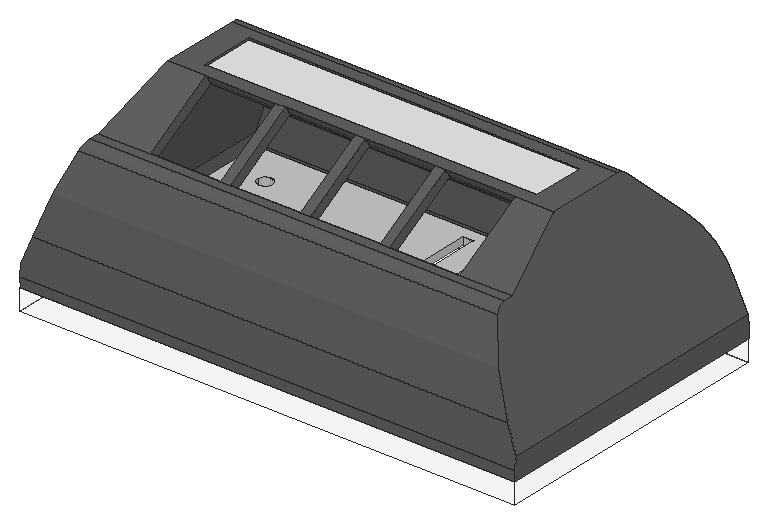
Revit family "Data_Device-Network-Leviton-QuickPort-Angled_Faceplate-4_Port", category Data Devices, host Face, Revit 2019
Family settings
  Host = Face
  Maintain Annotation Orientation = Yes
  Round Connector Dimension = Use Diameter
  Part Type = Normal
  OmniClass Number = 23.85.50.17
  OmniClass Title = Communication and Data Processing Equipment
  Cut with Voids When Loaded = No
  Shared = Yes
  Room Calculation Point = No
Parameters (values of type "4-Port Universal Angled Faceplate, Color Black")
  z Offset 1 = 0.2"
  z Leviton Type = 1
  Width = 4.094"
  Weight [instance] = 0.00 lbf
  URL = "http://www.leviton.com/networksolutions"
  UPC Code [instance] = ""
  Type Comments = ""
  Technical Support Phone Number = "1-800-824-3005"  # constant formula
  Shielded = 1 = 0  # no
  Serial Number [instance] = ""
  Quantity per Package = 0
  Product Documentation Link = "https://www.leviton.com/en/docs/Leviton_Spec_49910-UE4_Universal_4-Port_Angled_Modular_Furniture_Faceplate.pdf"
  Port ID [instance] = ""
  Part Number [instance] = "49910-UE4"  # constant formula
  Part Description = Description  # "Universal 4-Port Angled Modular Furniture Faceplate with Labeling Designation Window, black"
  Original Creation Date = "October 04, 2023"  # constant formula
  Model Disclaimer = "http://www.leviton.com/BIMTERMS"
  Model = " "
  Minimum Order Quantity = 0
  Manufacturer = "Leviton"  # constant formula
  Height = 2.42"
  Has ID Windows = yes
  Fiber Type = ""
  Family Version = "1.0.0"  # constant formula
  Equipment Type = ""
  Equipment Abbreviation = "QPA"  # constant formula
  Description = "Universal 4-Port Angled Modular Furniture Faceplate with Labeling Designation Window, black"
  Depth = 1.595"
  Default Elevation = 24"
  Date Last Modified = "October 04, 2023"  # constant formula
  Copyright = "Copyright © 2013-2014 Leviton Manufacturing Co., Inc."  # constant formula
  Channel ID [instance] = ""
  Channel Count [instance] = 0
  Cable Clearance Rear is Visible = yes
  Assembly Code = "D5030600"
  Faceplate Material = Plastic - Leviton - Black
  Annotation Symbol is Visible [instance] = yes
  Annotation Symbol [instance] = Symbol : Data
Reference planes (in)
  plane 1 "Center (Front/Back)": y = 0.21474
  plane 2 "Mounting Surface": z = 0
  plane 3 "Center (Left/Right)": x = -0.9065
  plane 4: x = -2.9535
  plane 5: x = 1.1405
  plane 6 "Top": y = 1.42474
  plane 7 "Bottom": y = -0.99526
  plane 8: z = 1.42
  plane 9: z = -0.175
  plane 10 "Mounting Plane": through (0, -0.60003, 1.09) normal (0, 0.5002, -0.8659)
  plane 11: x = -2.1865
  plane 12: x = -1.6065
  plane 13: x = -1.5265
  plane 14: x = -0.9465
  plane 15: x = -0.8665
  plane 16: x = -0.2865
  plane 17: x = -0.2065
  plane 18: x = 0.3735
  plane 19: y = 1.00474
  plane 20: x = -2.5265
  plane 21: x = 0.0485
  plane 22: x = -2.1666
  plane 23: x = -2.29774
  plane 24: y = -0.7215
  plane 25: y = -0.59036
Forms (in)
  Extrusion 1, void
    sketch origin (-4.04751, 1.42474, 48) x (1, 0, 0) y (0, 0, 1)
      loop
        line (1.58181, -46.48) -> (0.99401, -46.48) -> (0.99401, -48) -> (1.09401, -48) -> (1.09401, -47.82024) -> (1.58181, -46.48)
      loop
        line (5.18801, -47.82024) -> (5.18801, -48) -> (5.28801, -48) -> (5.28801, -46.48) -> (4.7002, -46.48) -> (5.18801, -47.82024)
    from 0 to 2.42 <- "Height"
  Extrusion 2, void
    sketch origin (-2.9535, -0.60003, 1.09) x (0, -0.865937, -0.500153) y (-1, 0, 0)
      loop
        line (0, -0.767) -> (-0.6598, -0.767) -> (-0.6598, -1.347) -> (0, -1.347) -> (0, -0.767)
      loop
        line (0, -1.427) -> (-0.6598, -1.427) -> (-0.6598, -2.007) -> (0, -2.007) -> (0, -1.427)
      loop
        line (0, -2.087) -> (-0.6598, -2.087) -> (-0.6598, -2.667) -> (0, -2.667) -> (0, -2.087)
      loop
        line (0, -2.747) -> (-0.6598, -2.747) -> (-0.6598, -3.327) -> (0, -3.327) -> (0, -2.747)
    from 0 to 0.23435
  Extrusion 3, solid, material "Plastic - Leviton - Black" <- "Faceplate Material"
    sketch origin (-2.9535, 2.28762, 48) x (0, 1, 0) y (0, 0, 1)
      loop
        line (-0.86288, -48) -> (-0.86288, -47.91579) -> (-0.89051, -47.6)
        arc (-0.89051, -47.6) -> (-0.97315, -47.29157) -> (-1.1563, -47.03) r 0.91943
        line (-1.1563, -47.03) -> (-1.57757, -46.60873)
        arc (-1.57757, -46.60873) -> (-1.6094, -46.58747) -> (-1.64694, -46.58) r 0.0981
        line (-1.64694, -46.58) -> (-2.3163, -46.58) -> (-2.88765, -46.91) -> (-2.97283, -46.91)
        arc (-2.97283, -46.91) -> (-3.02561, -46.9245) -> (-3.06356, -46.96393) r 0.10328
        arc (-3.06356, -46.96393) -> (-3.19227, -47.27233) -> (-3.2553, -47.60051) r 1.62822
        line (-3.2553, -47.60051) -> (-3.28288, -47.91695) -> (-3.28288, -48) -> (-0.86288, -48)
    from 0 to 4.094 <- "Width"
  Extrusion 4, void
    sketch origin (-4.04751, 1.42474, 48) x (1, 0, 0) y (0, 0, 1)
      loop
        line (1.17401, -48) -> (5.10801, -48) -> (5.10801, -47.83434) -> (4.65146, -46.58) -> (1.63055, -46.58) -> (1.17401, -47.83434) -> (1.17401, -48)
    from 0 to 2.42 <- "Height"
  Extrusion 5, void
    sketch origin (0, 0, 1.42) x (-1, 0, 0) y (0, -1, 0)
      loop
        line (2.2815, -0.5316) -> (2.2815, -0.0796) -> (-0.4685, -0.0796) -> (-0.4685, -0.5316) -> (2.2815, -0.5316)
    from 0.03029 to -0.01
  Extrusion 6, solid, material "Snap Locations - Leviton - Invisible"
    sketch origin (-2.9535, -0.60003, 1.09) x (0, 0.865937, 0.500153) y (-1, 0, 0)
      loop
        line (0, -0.767) -> (0, -1.347) -> (0.6598, -1.347) -> (0.6598, -0.767) -> (0, -0.767)
      loop
        line (0, -1.427) -> (0, -2.007) -> (0.6598, -2.007) -> (0.6598, -1.427) -> (0, -1.427)
      loop
        line (0.6598, -2.087) -> (0, -2.087) -> (0, -2.667) -> (0.6598, -2.667) -> (0.6598, -2.087)
      loop
        line (0, -2.747) -> (0, -3.327) -> (0.6598, -3.327) -> (0.6598, -2.747) -> (0, -2.747)
    from -0.06 to 0
  Extrusion 7, solid, material "Steel-Generic-Galvanized"
    sketch origin (0, 0, 0) x (1, 0, 0) y (0, 1, 0)
      loop
        line (-2.8735, 1.34474) -> (-2.8735, -0.91526) -> (1.0605, -0.91526) -> (1.0605, 1.34474) -> (-2.8735, 1.34474)
      loop
        line (-2.2215, -0.64526) -> (-2.1015, -0.64526) -> (-2.1015, -0.57126) -> (-1.7265, -0.57126) -> (-1.7265, -0.64526) -> (-0.2765, -0.64526) -> (-0.2765, -0.57126) -> (0.0985, -0.57126) -> (0.0985, -0.64526) -> (0.4185, -0.64526) -> (0.4185, -0.06901) -> (0.7685, -0.06901) -> (0.7685, 0.02474) -> (-0.3415, 0.02474) -> (-0.3415, 0.52474) -> (0.7685, 0.52474) -> (0.7685, 0.66474) -> (-0.38775, 0.66474) -> (-0.38775, 1.23974) -> (-0.4815, 1.23974) -> (-0.4815, -0.08026) -> (-0.9815, -0.08026) -> (-0.9815, 1.23974) -> (-1.07525, 1.23974) -> (-1.07525, 0.66474) -> (-2.2215, 0.66474) -> (-2.2215, 0.55474) -> (-2.14756, 0.55474) -> (-2.14756, 0.17974) -> (-2.2215, 0.17974) -> (-2.2215, -0.01026) -> (-2.14756, -0.01026) -> (-2.14756, -0.38526) -> (-2.2215, -0.38526) -> (-2.2215, -0.64526)
      loop
        circle (-2.5265, 1.00474) r 0.0625
      loop
        circle (0.0485, 1.00474) r 0.0625
      loop
        line (-0.8065, 1.23974) -> (-0.789, 0.11974) -> (-0.674, 0.11974) -> (-0.6565, 1.23974) -> (-0.8065, 1.23974)
      loop
        line (0.7685, 0.34974) -> (-0.1415, 0.33474) -> (-0.1415, 0.21474) -> (0.7685, 0.19974) -> (0.7685, 0.34974)
    from 0 to 0.06
  Extrusion 8, solid, material "Plastic - Leviton - Black" <- "Faceplate Material"
    sketch origin (-2.9535, 2.28762, 48) x (0, 1, 0) y (0, 0, 1)
      loop
        line (-0.86288, -48) -> (-0.86288, -47.91579) -> (-0.89051, -47.6)
        arc (-0.89051, -47.6) -> (-0.97315, -47.29157) -> (-1.1563, -47.03) r 0.91943
        line (-1.1563, -47.03) -> (-1.57757, -46.60873)
        arc (-1.57757, -46.60873) -> (-1.6094, -46.58747) -> (-1.64694, -46.58) r 0.0981
        line (-1.64694, -46.58) -> (-2.3163, -46.58) -> (-2.88765, -46.91) -> (-2.97283, -46.91)
        arc (-2.97283, -46.91) -> (-3.02561, -46.9245) -> (-3.06356, -46.96393) r 0.10328
        arc (-3.06356, -46.96393) -> (-3.19227, -47.27233) -> (-3.2553, -47.60051) r 1.62822
        line (-3.2553, -47.60051) -> (-3.28288, -47.91695) -> (-3.28288, -48) -> (-3.20288, -48) -> (-3.20288, -47.92043) -> (-3.1756, -47.60746)
        arc (-3.1756, -47.60746) -> (-3.11365, -47.28877) -> (-2.9866, -46.99) r 1.54822
        line (-2.9866, -46.99) -> (-2.8662, -46.99) -> (-2.29486, -46.66) -> (-1.63944, -46.66) -> (-1.21287, -47.08657)
        arc (-1.21287, -47.08657) -> (-1.04566, -47.32538) -> (-0.9702, -47.60697) r 0.83943
        line (-0.9702, -47.60697) -> (-0.94288, -47.91929) -> (-0.94288, -48) -> (-0.86288, -48)
    from 0 to 4.094 <- "Width"
  Extrusion 9, solid, material "Steel-Generic-Galvanized"
    sketch origin (-0.9065, 0, 0) x (0, 1, 0) y (0, 0, 1)
      loop
        line (-0.57126, 0) -> (-0.61399, 0) -> (-0.7215, -0.15355) -> (-0.69283, -0.17362) -> (-0.57126, 0)
    from -1.195 to -0.82
  Extrusion 10, solid, material "Steel-Generic-Galvanized"
    sketch origin (-0.9065, 0, 0) x (0, 1, 0) y (0, 0, 1)
      loop
        line (-0.57126, 0) -> (-0.61399, 0) -> (-0.7215, -0.15355) -> (-0.69283, -0.17362) -> (-0.57126, 0)
    from 0.63 to 1.005
  Extrusion 11, solid, material "Steel-Generic-Galvanized"
    sketch origin (-1.813, 0.21474, 0) x (-1, 0, 0) y (0, 0, -1)
      loop
        line (0.49983, 0.175) -> (0.4571, 0.175) -> (0.33456, 0) -> (0.37729, 0) -> (0.49983, 0.175)
    from -0.34 to 0.035
  Extrusion 12, solid, material "Steel-Generic-Galvanized"
    sketch origin (-1.813, 0.21474, 0) x (-1, 0, 0) y (0, 0, -1)
      loop
        line (0.49983, 0.175) -> (0.4571, 0.175) -> (0.33456, 0) -> (0.37729, 0) -> (0.49983, 0.175)
    from 0.225 to 0.6
  Extrusion 13, solid, material "Clearance Areas - Leviton", visible <- "Cable Clearance Rear is Visible"
    sketch origin (-2.9535, 2.28762, 48) x (0, 1, 0) y (0, 0, 1)
      loop
        line (-0.86288, -48) -> (-3.28288, -48) -> (-3.28288, -48.175) -> (-0.86288, -48.175) -> (-0.86288, -48)
    from 0 to 4.094 <- "Width"
Cuts and joins
  Extrusion 1, Extrusion 4, Extrusion 5 cuts Extrusion 3
  Extrusion 1, Extrusion 2, Extrusion 5 cuts Extrusion 8
  joined: Extrusion 3, Extrusion 8
  joined: Extrusion 7, Extrusion 9, Extrusion 10, Extrusion 11, Extrusion 12
Lines and regions (in)
  model lines, style "InvisibleLines", detail levels medium+fine
    curve 1: line (-2.1865, -0.31427, 1.25505) -> (0.3735, -0.31427, 1.25505)
    curve 2: line (0.0835, -0.02869, 1.42) -> (0.0835, -0.60003, 1.09)
    curve 3: line (-0.5765, -0.02869, 1.42) -> (-0.5765, -0.60003, 1.09)
    curve 4: line (-1.2365, -0.02869, 1.42) -> (-1.2365, -0.60003, 1.09)
    curve 5: line (-1.8965, -0.02869, 1.42) -> (-1.8965, -0.60003, 1.09)
Dimensions and locks (in)
  equal spacing: plane 6 "Top", plane 1 "Center (Front/Back)", plane 7 "Bottom"
  "Height": plane 6 "Top" to plane 7 "Bottom"
  equal spacing: plane 4, plane 3 "Center (Left/Right)", plane 5
  "Width": plane 4 to plane 5
  plane 8 to plane 2 "Mounting Surface" = 1.42"
  "Depth": plane 8 to plane 9
  locked: Extrusion 1 sketch curve to plane 8 at 0.1
  locked: Extrusion 1 sketch curve to plane 5 at 0.1
  locked: plane 4 to Extrusion 1 sketch curve at 0.1
  Extrusion 5 sketch curve to plane 3 "Center (Left/Right)" to Extrusion 5 sketch curve = 1.375" locked, 1.375" locked
  locked: plane 1 "Center (Front/Back)" to Extrusion 5 sketch curve at 0.31687
  locked: Extrusion 5 sketch curve to Extrusion 5 sketch curve at 0.452
  locked: plane 11 to plane 12 at 0.58
  locked: plane 12 to plane 13 at 0.08
  plane 13 to plane 14 = 0.58"
  locked: plane 15 to plane 16 at 0.58
  locked: plane 17 to plane 18 at 0.58
  locked: plane 16 to plane 17 at 0.08
  equal spacing: plane 14, plane 3 "Center (Left/Right)", plane 15
  locked: plane 14 to plane 15 at 0.08
  locked: plane 4 to plane 20 at 0.427
  locked: plane 21 to plane 5 at 1.092
  locked: plane 19 to plane 6 "Top" at 0.42
  aligned and locked: plane 2 "Mounting Surface" to host face
  aligned and locked: host face to level
  aligned and locked: Extrusion 1 sketch curve to plane 4
  aligned and locked: Extrusion 1 sketch curve to plane 5
  aligned and locked: Extrusion 1 sketch curve to Extrusion 1 sketch curve
  aligned and locked: Extrusion 1 sketch curve to plane 2 "Mounting Surface"
  aligned and locked: plane 11 to Extrusion 2 sketch curve
  aligned and locked: plane 12 to Extrusion 2 sketch curve
  aligned and locked: plane 13 to Extrusion 2 sketch curve
  aligned and locked: plane 14 to Extrusion 2 sketch curve
  aligned and locked: plane 15 to Extrusion 2 sketch curve
  aligned and locked: plane 16 to Extrusion 2 sketch curve
  aligned and locked: plane 17 to Extrusion 2 sketch curve
  aligned and locked: plane 18 to Extrusion 2 sketch curve
  aligned and locked: plane 6 "Top" to Extrusion 3 sketch curve
  aligned and locked: plane 10 "Mounting Plane" to Extrusion 3 sketch curve
  aligned and locked: plane 7 "Bottom" to Extrusion 3 sketch curve
  aligned and locked: plane 2 "Mounting Surface" to Extrusion 3 sketch curve
  aligned and locked: Extrusion 4 sketch curve to plane 8
  aligned and locked: Extrusion 6 to plane 10 "Mounting Plane"
  aligned and locked: plane 6 "Top" to Extrusion 8 sketch curve
  aligned and locked: plane 8 to Extrusion 8 sketch curve
  aligned and locked: plane 10 "Mounting Plane" to Extrusion 8 sketch curve
  aligned and locked: plane 7 "Bottom" to Extrusion 8 sketch curve
  aligned and locked: plane 2 "Mounting Surface" to Extrusion 8 sketch curve
  aligned and locked: plane 2 "Mounting Surface" to Extrusion 13 sketch curve
  aligned and locked: plane 6 "Top" to Extrusion 13 sketch curve
  aligned and locked: plane 9 to Extrusion 13 sketch curve
  aligned and locked: plane 7 "Bottom" to Extrusion 13 sketch curve
Automatic sketch dimensions
  host sketch curve to host sketch curve = 19"
  host sketch curve to host sketch curve = 10.74092"
  Extrusion 1 sketch curve to level = 0"
  Extrusion 1 sketch curve to plane 20 = 0.06081"
  Extrusion 1 sketch curve to plane 18 = 0.27919"
  level to Extrusion 1 sketch curve = 0.17976"  (x2)
  Extrusion 2 sketch curve to Extrusion 2 sketch curve = 0"  (x5)
  Extrusion 2 sketch curve to Extrusion 2 sketch curve = 0.6598"  (x2)
  Extrusion 3 sketch curve to plane 8 = 0"
  plane 7 "Bottom" to Extrusion 3 sketch curve = 0.02758"
  plane 24 to Extrusion 3 sketch curve = 0.03629"
  Extrusion 3 sketch curve to plane 25 = 0.00967"
  Extrusion 3 sketch curve to plane 1 "Center (Front/Back)" = 0.26644"
  Extrusion 3 sketch curve to plane 8 = 0.0981"
  plane 19 to Extrusion 3 sketch curve = 0.36406"
  Extrusion 3 sketch curve to Extrusion 3 sketch curve = 0.17321"
  Extrusion 3 sketch curve to plane 8 = 0.02873"
  Extrusion 3 sketch curve to plane 19 = 0.12658"
  Extrusion 3 sketch curve to plane 6 "Top" = 0.02763"
  level to Extrusion 3 sketch curve = 0.08305"
  level to Extrusion 3 sketch curve = 0.08421"
  level to Extrusion 3 sketch curve = 0.25809"
  Extrusion 3 sketch curve to Extrusion 3 sketch curve = 0.06177"
  Extrusion 3 sketch curve to Extrusion 3 sketch curve = 0.31644"
  Extrusion 3 sketch curve to Extrusion 3 sketch curve = 0.31579"
  Extrusion 3 sketch curve to Extrusion 3 sketch curve = 0.10328"
  Extrusion 4 sketch curve to level = 0"
  plane 4 to Extrusion 4 sketch curve = 0.08"
  Extrusion 4 sketch curve to plane 20 = 0.10954"
  Extrusion 4 sketch curve to plane 18 = 0.23046"
  Extrusion 4 sketch curve to plane 5 = 0.08"
  level to Extrusion 4 sketch curve = 0.16566"  (x2)
  curve 1 to plane 18 = 0"
  curve 1 to plane 11 = 0"
  curve 3 to plane 15 = 0.29"
  curve 4 to plane 13 = 0.29"
  curve 4 to curve 3 = 0"
  plane 22 to curve 5 = 0.2701"
  curve 5 to curve 4 = 0"
  curve 2 to plane 21 = 0.035"
  curve 3 to curve 2 = 0"
  curve 2 to curve 1 = 0.33"
  curve 4 to curve 4 = 0.6598"
  curve 1 to curve 5 = 0.3298"
  curve 1 to curve 2 = 0.3298"
  curve 3 to curve 3 = 0.6598"
  Extrusion 6 sketch curve to plane 11 = 0"
  Extrusion 6 sketch curve to plane 12 = 0"
  Extrusion 6 sketch curve to plane 17 = 0"
  Extrusion 6 sketch curve to plane 18 = 0"
  Extrusion 6 sketch curve to plane 16 = 0"
  Extrusion 6 sketch curve to plane 13 = 0"
  Extrusion 6 sketch curve to plane 14 = 0"
  Extrusion 6 sketch curve to plane 15 = 0"
  Extrusion 6 sketch curve to Extrusion 6 sketch curve = 0"  (x5)
  Extrusion 6 sketch curve to Extrusion 6 sketch curve = 0.6598"  (x2)
  plane 19 to Extrusion 7 sketch curve = 0"  (x2)
  Extrusion 7 sketch curve to plane 20 = 0"
  plane 1 "Center (Front/Back)" to Extrusion 7 sketch curve = 0"
  Extrusion 7 sketch curve to plane 21 = 0"
  plane 4 to Extrusion 7 sketch curve = 0.08"
  plane 11 to Extrusion 7 sketch curve = 0.035"  (x3)
  plane 22 to Extrusion 7 sketch curve = 0.01904"  (x2)
  plane 25 to Extrusion 7 sketch curve = 0.0191"  (x2)
  plane 22 to Extrusion 7 sketch curve = 0.0651"
  Extrusion 7 sketch curve to plane 25 = 0.0549"  (x3)
  plane 12 to Extrusion 7 sketch curve = 0.12"
  plane 14 to Extrusion 7 sketch curve = 0.12875"
  plane 14 to Extrusion 7 sketch curve = 0.035"
  Extrusion 7 sketch curve to plane 15 = 0.06"
  Extrusion 7 sketch curve to plane 15 = 0.0775"
  plane 1 "Center (Front/Back)" to Extrusion 7 sketch curve = 0.095"
  Extrusion 7 sketch curve to Extrusion 7 sketch curve = 0.115"
  Extrusion 7 sketch curve to Extrusion 7 sketch curve = 0.15"
  plane 16 to Extrusion 7 sketch curve = 0.195"
  plane 16 to Extrusion 7 sketch curve = 0.10125"
  plane 16 to Extrusion 7 sketch curve = 0.055"
  Extrusion 7 sketch curve to plane 16 = 0.01"
  Extrusion 7 sketch curve to plane 17 = 0.065"
  Extrusion 7 sketch curve to plane 21 = 0.05"
  Extrusion 7 sketch curve to plane 18 = 0.045"
  Extrusion 7 sketch curve to plane 1 "Center (Front/Back)" = 0.135"
  Extrusion 7 sketch curve to plane 5 = 0.372"
  Extrusion 7 sketch curve to Extrusion 7 sketch curve = 0"  (x3)
  Extrusion 7 sketch curve to plane 5 = 0.08"
  plane 7 "Bottom" to Extrusion 7 sketch curve = 0.08"
  plane 25 to Extrusion 7 sketch curve = 0.2051"
  Extrusion 7 sketch curve to Extrusion 7 sketch curve = 0.2"
  plane 1 "Center (Front/Back)" to Extrusion 7 sketch curve = 0.28375"
  plane 1 "Center (Front/Back)" to Extrusion 7 sketch curve = 0.225"
  Extrusion 7 sketch curve to Extrusion 7 sketch curve = 0.105"
  plane 1 "Center (Front/Back)" to Extrusion 7 sketch curve = 0.035"
  plane 1 "Center (Front/Back)" to Extrusion 7 sketch curve = 0.015"
  Extrusion 7 sketch curve to Extrusion 7 sketch curve = 0.12"
  Extrusion 7 sketch curve to Extrusion 7 sketch curve = 0.175"
  Extrusion 7 sketch curve to plane 1 "Center (Front/Back)" = 0.34"
  Extrusion 7 sketch curve to Extrusion 7 sketch curve = 0.14"
  Extrusion 7 sketch curve to Extrusion 7 sketch curve = 0.11"
  Extrusion 7 sketch curve to plane 6 "Top" = 0.185"  (x2)
  Extrusion 7 sketch curve to plane 6 "Top" = 0.08"
  Extrusion 8 sketch curve to Extrusion 8 sketch curve = 0"  (x4)
  Extrusion 8 sketch curve to level = 0"
  plane 7 "Bottom" to Extrusion 8 sketch curve = 0.02758"
  plane 7 "Bottom" to Extrusion 8 sketch curve = 0.08"
  Extrusion 8 sketch curve to Extrusion 8 sketch curve = 0.0797"
  plane 24 to Extrusion 8 sketch curve = 0.02252"
  Extrusion 8 sketch curve to Extrusion 8 sketch curve = 0.01377"
  Extrusion 8 sketch curve to plane 25 = 0.00967"
  plane 25 to Extrusion 8 sketch curve = 0.01178"
  Extrusion 8 sketch curve to plane 8 = 0.08"
  Extrusion 8 sketch curve to Extrusion 8 sketch curve = 0.02144"
  Extrusion 8 sketch curve to plane 1 "Center (Front/Back)" = 0.26644"
  plane 19 to Extrusion 8 sketch curve = 0.36406"
  Extrusion 8 sketch curve to Extrusion 8 sketch curve = 0.0075"
  Extrusion 8 sketch curve to Extrusion 8 sketch curve = 0.17321"
  Extrusion 8 sketch curve to plane 8 = 0.02873"
  Extrusion 8 sketch curve to Extrusion 8 sketch curve = 0.06937"
  Extrusion 8 sketch curve to plane 19 = 0.07001"
  Extrusion 8 sketch curve to Extrusion 8 sketch curve = 0.05657"
  Extrusion 8 sketch curve to plane 6 "Top" = 0.10732"
  Extrusion 8 sketch curve to plane 6 "Top" = 0.08"
  Extrusion 8 sketch curve to plane 6 "Top" = 0.02763"
  level to Extrusion 8 sketch curve = 0.07957"
  level to Extrusion 8 sketch curve = 0.08071"
  Extrusion 8 sketch curve to Extrusion 8 sketch curve = 0.00348"
  Extrusion 8 sketch curve to Extrusion 8 sketch curve = 0.00349"
  level to Extrusion 8 sketch curve = 0.25809"
  Extrusion 8 sketch curve to Extrusion 8 sketch curve = 0.06177"
  Extrusion 8 sketch curve to Extrusion 8 sketch curve = 0.31297"
  Extrusion 8 sketch curve to Extrusion 8 sketch curve = 0.31232"
  Extrusion 8 sketch curve to Extrusion 8 sketch curve = 0.00695"
  Extrusion 8 sketch curve to Extrusion 8 sketch curve = 0.00697"
  Extrusion 8 sketch curve to Extrusion 8 sketch curve = 0.02328"
  Extrusion 9 sketch curve to plane 24 = 0"
  Extrusion 9 sketch curve to level = 0"
  plane 9 to Extrusion 9 sketch curve = 0.00138"
  plane 24 to Extrusion 9 sketch curve = 0.02867"
  Extrusion 9 sketch curve to plane 25 = 0.02363"
  Extrusion 10 sketch curve to plane 24 = 0"
  Extrusion 10 sketch curve to level = 0"
  plane 9 to Extrusion 10 sketch curve = 0.00138"
  plane 24 to Extrusion 10 sketch curve = 0.02867"
  Extrusion 10 sketch curve to plane 25 = 0.02363"
  Extrusion 11 sketch curve to level = 0"
  Extrusion 11 sketch curve to plane 9 = 0"
  plane 22 to Extrusion 11 sketch curve = 0.01904"
  plane 11 to Extrusion 11 sketch curve = 0.00379"
  plane 23 to Extrusion 11 sketch curve = 0.02764"
  Extrusion 11 sketch curve to plane 23 = 0.01509"
  Extrusion 12 sketch curve to level = 0"
  Extrusion 12 sketch curve to plane 9 = 0"
  plane 22 to Extrusion 12 sketch curve = 0.01904"
  plane 11 to Extrusion 12 sketch curve = 0.00379"
  plane 23 to Extrusion 12 sketch curve = 0.02764"
  Extrusion 12 sketch curve to plane 23 = 0.01509"
  radius of Extrusion 7 sketch curve = 0.0625"  (x2)
Nested families (in)
  nested 1: "Symbol" at (-0.9065, 0.21474, 0), type <- "Annotation Symbol", visible <- "Annotation Symbol is Visible", type "Data"
Definition of nested family "Symbol"
  Parameters (values of type "Data")
    Tel Data = no
    Phone = no
    Data = yes
  Types (3): name | Tel Data | Phone | Data
    Data | no | no | yes
    Phone | no | yes | no
    Tel Data | yes | no | no
  Reference planes (in)
    plane 1: y = 0
    plane 2: x = 0
  Lines and regions (in)
    Filled region 1, type "Solid Black", visible <- "Tel Data"
      outline origin (0, 0, 0) x (1, 0, 0) y (0, 1, 0)
        loop
          line (0, 0) -> (0.0654, 0.11328) -> (0, 0.11328) -> (0, 0)
    Filled region 2, type "Solid Black", visible <- "Phone"
      outline origin (0, 0, 0) x (1, 0, 0) y (0, 1, 0)
        loop
          line (0, 0) -> (0.0654, 0.11328) -> (-0.0654, 0.11328) -> (0, 0)
    Filled region 3, type "White", visible <- "Data"
      outline origin (0, 0, 0) x (1, 0, 0) y (0, 1, 0)
        loop
          line (0, 0) -> (0.0654, 0.11328) -> (-0.0654, 0.11328) -> (0, 0)
    Filled region 4, type "White", visible <- "Tel Data"
      outline origin (0, 0, 0) x (1, 0, 0) y (0, 1, 0)
        loop
          line (0, 0.11328) -> (-0.0654, 0.11328) -> (0, 0) -> (0, 0.11328)
